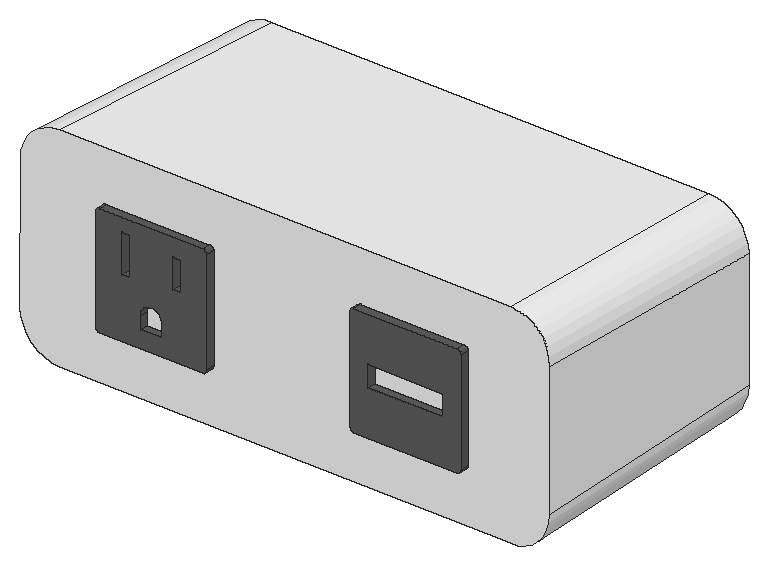
Revit family "Electrical-Teknion-BLEPC_Power_Cube-R2018", category Electrical Fixtures, host Face, Revit 2018
Family settings
  Host = Face
  Maintain Annotation Orientation = No
  Round Connector Dimension = Use Diameter
  Part Type = Normal
  OmniClass Number = 23.40.20.00
  OmniClass Title = General Furniture and Specialties
  Cut with Voids When Loaded = No
  Shared = Yes
  Room Calculation Point = No
Parameters (values of type "Power/USB Charger, Square Grommet")
  Warranty = "http://www.teknion.com/ca/papers/legal-canada"
  Voltage = 120 V
  Unit Weight URL = "http://www.teknion.com/ca/tools/assets#&asset=bee6a381-b954-425e-8283-5a2de3a804f2,f828d448-4b62-4231-9e5f-9a8991c0ed77"
  URL = "www.teknion.com"
  Sustainability Data = "http://www.teknion.com/ca/tools/assets#&topic=216f99a5-57a0-44fc-b10a-9dee9b29ae4c&asset=444deb64-fe58-4b68-981e-f75e97781df7"
  Series = "Expansion Casegoods"  # constant formula
  Right Power/USB Charger = if(Has Power & USB Charger slot, 0' 0 27/32", 0' 0 9/16")  # 0' - 0 27/32"
  Right Power Hole Depth = if(Has Power & Power slot, 0' 0 27/32", 0' 0 9/16")  # 0' - 0 9/16"
  Right Data Hole Depth [instance] = if(Has Power & Data slot, 0' 0 27/32", 0' 0 9/16")  # 0' - 0 9/16"
  Product Page URL = "http://www.teknion.com/ca/products/product-details?productlineid=0053336e-8e7a-673b-a6c8-ff00004460c4"
  Product Line = "Expansion Casegoods"  # constant formula
  Product Documentation Link = "http://www.teknion.com/pricing/expansion-casegoods/pdfs/BLEPC_ppg.pdf"
  Power Cube - Case and Front Finish [instance] = Mica - Teknion - V - Satin - Very White
  Part Number = "BLEPC"  # constant formula
  Model = "BLEPCUS_"
  Manufacturer Phone = "416-661-3370"  # constant formula
  Manufacturer Fax = "416.661.4586"  # constant formula
  Manufacturer Email = "http://www.teknion.com/ca/contactus"
  Manufacturer Address = "1150 Flint Road, Toronto, ON. M3J 2J5. Canada"  # constant formula
  Manufacturer = "Teknion"  # constant formula
  Left Power Hole Depth = if(or(Has Power & Data slot, Has Power & Power slot, Has Power & USB Charger slot), 0' 0 27/32", 0' 0 9/16")  # 0' - 0 27/32"
  Has Power & USB Charger slot = yes
  Has Power & Power slot = no
  Has Power & Data slot = no
  Description = "Power Cube, Power/USB Charger, Standard Solid Top Square Grommet"
  Default Elevation = 4' - 0"
  Connector Descriptor = "Power Connector"  # constant formula
  Apparent Load = 0 VA
Types (3): name | Right Power/USB Charger | Right Power Hole Depth | Right Data Hole Depth | Model | Has Power & USB Charger slot | Has Power & Power slot | Has Power & Data slot | Description
  Power/Data, Square Grommet | 0' - 0 9/16" | 0' - 0 9/16" | 0' - 0 27/32" | "BLEPCDS_" | no | no | yes | "Power Cube, Power/Data, Standard Solid Top Square Grommet"
  Power/Power, Square Grommet | 0' - 0 9/16" | 0' - 0 27/32" | 0' - 0 9/16" | "BLEPCPS_" | no | yes | no | "Power Cube, Power/Power, Standard Solid Top Square Grommet"
  Power/USB Charger, Square Grommet | 0' - 0 27/32" | 0' - 0 9/16" | 0' - 0 9/16" | "BLEPCUS_" | yes | no | no | "Power Cube, Power/USB Charger, Standard Solid Top Square Grommet"
Reference planes (in)
  plane 1 "Center (Front/Back)": y = 0
  plane 2: z = 0
  plane 3 "Center (Left/Right)": x = 0
  plane 4: z = 2
  plane 5: y = -1.17126
  plane 6: y = 1.25
  plane 7: y = -1.25
  plane 8: x = -2.5
  plane 9: x = 2.5
  plane 10 "Power Hole Depth (Above Worksurface)": y = -2
  plane 11: y = -0.75
  plane 12: y = 0.07874
Forms (in)
  Blend 1, solid, material "Mica - Teknion - V - Satin - Very White" <- "Power Cube - Case and Front Finish"
    base sketch origin (2.5, -1.17126, 48) x (1, 0, 0) y (0, 0, 1)
      loop
        line (0, -47.62598) -> (0, -46.37363)
        arc (0, -46.37363) -> (-0.10943, -46.10943) -> (-0.37363, -46) r 0.37363
        line (-0.37363, -46) -> (-4.62637, -46)
        arc (-4.62637, -46) -> (-4.89057, -46.10943) -> (-5, -46.37363) r 0.37363
        line (-5, -46.37363) -> (-5, -47.62586)
        arc (-5, -47.62586) -> (-4.89042, -47.89042) -> (-4.62586, -48) r 0.37414
        line (-4.62586, -48) -> (-0.37402, -48)
        arc (-0.37402, -48) -> (-0.10955, -47.89045) -> (0, -47.62598) r 0.37402
    top sketch origin (2.43454, 1.25, 48) x (1, 0, 0) y (0, 0, 1)
      loop
        line (-4.56052, -48) -> (-0.30855, -48)
        arc (-0.30855, -48) -> (-0.08709, -47.86842) -> (0, -47.62598) r 0.38096
        line (0, -47.62598) -> (0, -46.50504)
        arc (0, -46.50504) -> (-0.10955, -46.24057) -> (-0.37402, -46.13102) r 0.37402
        line (-0.37402, -46.13102) -> (-4.49544, -46.13102)
        arc (-4.49544, -46.13102) -> (-4.75964, -46.24045) -> (-4.86907, -46.50465) r 0.37363
        line (-4.86907, -46.50465) -> (-4.86907, -47.62598)
        arc (-4.86907, -47.62598) -> (-4.78198, -47.86842) -> (-4.56052, -48) r 0.38096
    from 0 to 0
  Extrusion 2, solid, material "Plastic - Teknion - 52 - Ebony"
    sketch origin (2.5, -1.17126, 48) x (1, 0, 0) y (0, 0, 1)
      loop
        line (-3.21496, -46.4748) -> (-4.18661, -46.4748)
        arc (-4.18661, -46.4748) -> (-4.21445, -46.48633) -> (-4.22598, -46.51417) r 0.03937
        line (-4.22598, -46.51417) -> (-4.22598, -47.48583)
        arc (-4.22598, -47.48583) -> (-4.21445, -47.51367) -> (-4.18661, -47.5252) r 0.03937
        line (-4.18661, -47.5252) -> (-3.21496, -47.5252)
        arc (-3.21496, -47.5252) -> (-3.18712, -47.51367) -> (-3.17559, -47.48583) r 0.03937
        line (-3.17559, -47.48583) -> (-3.17559, -46.51417)
        arc (-3.17559, -46.51417) -> (-3.18712, -46.48633) -> (-3.21496, -46.4748) r 0.03937
    from 0 to 0.07874
  Extrusion 3, solid, material "Plastic - Teknion - 52 - Ebony"
    sketch origin (2.5, -1.17126, 48) x (1, 0, 0) y (0, 0, 1)
      loop
        line (-0.81339, -46.47593) -> (-1.78504, -46.47593)
        arc (-1.78504, -46.47593) -> (-1.81288, -46.48747) -> (-1.82441, -46.5153) r 0.03937
        line (-1.82441, -46.5153) -> (-1.82441, -47.48583)
        arc (-1.82441, -47.48583) -> (-1.81288, -47.51367) -> (-1.78504, -47.5252) r 0.03937
        line (-1.78504, -47.5252) -> (-0.81339, -47.5252)
        arc (-0.81339, -47.5252) -> (-0.78555, -47.51367) -> (-0.77402, -47.48583) r 0.03937
        line (-0.77402, -47.48583) -> (-0.77402, -46.5153)
        arc (-0.77402, -46.5153) -> (-0.78555, -46.48747) -> (-0.81339, -46.47593) r 0.03937
    from 0 to 0.07874
  Extrusion 4, void
    sketch origin (2.5, -1.25, 48) x (-1, 0, 0) y (0, 0, 1)
      loop
        line (3.97638, -46.60214) -> (3.90433, -46.60214) -> (3.90433, -46.96356) -> (3.97638, -46.96356) -> (3.97638, -46.60214)
      loop
        line (3.49724, -46.64146) -> (3.4252, -46.64146) -> (3.4252, -46.92425) -> (3.49724, -46.92425) -> (3.49724, -46.64146)
      loop
        line (3.80433, -47.36341) -> (3.80433, -47.24727)
        arc (3.80433, -47.24727) -> (3.70079, -47.14372) -> (3.59724, -47.24727) r 0.10354
        line (3.59724, -47.24727) -> (3.59724, -47.36341) -> (3.80433, -47.36341)
    from -0.75 to 0.09375
  Extrusion 5, void
    sketch origin (-2.5, -1.25, 48) x (1, 0, 0) y (0, 0, -1)
      loop
        line (3.4252, 46.64146) -> (3.49724, 46.64146) -> (3.49724, 46.92425) -> (3.4252, 46.92425) -> (3.4252, 46.64146)
      loop
        line (3.90433, 46.60214) -> (3.97638, 46.60214) -> (3.97638, 46.96356) -> (3.90433, 46.96356) -> (3.90433, 46.60214)
      loop
        line (3.59724, 47.36341) -> (3.59724, 47.24727)
        arc (3.59724, 47.24727) -> (3.70079, 47.14372) -> (3.80433, 47.24727) r 0.10354
        line (3.80433, 47.24727) -> (3.80433, 47.36341) -> (3.59724, 47.36341)
    from -0.75 to -0.1875
  Extrusion 6, void
    sketch origin (-1.44724, -2, 48) x (1, 0, 0) y (0, 0, 1)
      loop
        line (2.2937, -46.90212) -> (2.2937, -47.0987) -> (3.00236, -47.0987) -> (3.00236, -46.90212) -> (2.2937, -46.90212)
    from 0 to -0.84375
  Extrusion 7, void
    sketch origin (-3.58522, -0.75, 48) x (1, 0, 0) y (0, 0, 1)
      loop
        line (4.39291, -46.70554) -> (4.39291, -47.29528) -> (4.68307, -47.29528) -> (4.68307, -47.35033) -> (4.89015, -47.35033) -> (4.89015, -47.29528) -> (5.18031, -47.29528) -> (5.18031, -46.70554) -> (5.0616, -46.70554) -> (5.0616, -46.60214) -> (4.98955, -46.60214) -> (4.98955, -46.70554) -> (4.58247, -46.70554) -> (4.58247, -46.64146) -> (4.51042, -46.64146) -> (4.51042, -46.70554) -> (4.39291, -46.70554)
    from 0.6875 to 1.25
Cuts and joins
  Extrusion 4 cuts Extrusion 2
  Extrusion 5, Extrusion 6, Extrusion 7 cuts Extrusion 3
  Extrusion 7 cuts Blend 1
Lines and regions (in)
  Masking region 1
    outline origin (0, 0, -1.1875) x (0, 1, 0) y (-1, 0, 0)
      loop
        line (1.25, -2.43454) -> (1.25, 2.43454) -> (-1.17126, 2.5) -> (-1.17126, -2.5) -> (1.25, -2.43454)
  Masking region 2
    outline origin (0, 0, -1.1875) x (0, 1, 0) y (-1, 0, 0)
      loop
        line (-1.17126, 1.72598) -> (-1.25, 1.72598) -> (-1.25, 0.67559) -> (-1.17126, 0.67559) -> (-1.17126, 1.72598)
  Masking region 3
    outline origin (0, 0, -1.1875) x (0, 1, 0) y (-1, 0, 0)
      loop
        line (-1.17126, -0.67559) -> (-1.25, -0.67559) -> (-1.25, -1.72598) -> (-1.17126, -1.72598) -> (-1.17126, -0.67559)
  symbolic lines, not visible, detail levels fine
    curve 1: line (-1.69685, 0.07874, -1.1875) -> (-1.69685, 0, -1.1875)
    curve 2: line (-0.64646, 0, -1.1875) -> (-0.64646, 0.07874, -1.1875)
    curve 3: line (0.64646, 0.07874, -1.1875) -> (0.64646, 0, -1.1875)
    curve 4: line (1.69685, 0, -1.1875) -> (1.69685, 0.07874, -1.1875)
  symbolic lines
    curve 5: line (-2.43454, 1.25, -1.1875) -> (2.43454, 1.25, -1.1875)
    curve 6: line (2.5, -1.17126, -1.1875) -> (2.43454, 1.25, -1.1875)
    curve 7: line (2.5, -1.17126, -1.1875) -> (-2.5, -1.17126, -1.1875)
    curve 8: line (-2.5, -1.17126, -1.1875) -> (-2.43454, 1.25, -1.1875)
    curve 9: line (-1.72598, -1.25, -1.1875) -> (-0.67559, -1.25, -1.1875)
    curve 10: line (-1.72598, -1.17126, -1.1875) -> (-1.72598, -1.25, -1.1875)
    curve 11: line (-0.67559, -1.25, -1.1875) -> (-0.67559, -1.17126, -1.1875)
    curve 12: line (0.67559, -1.17126, -1.1875) -> (0.67559, -1.25, -1.1875)
    curve 13: line (0.67559, -1.25, -1.1875) -> (1.72598, -1.25, -1.1875)
    curve 14: line (1.72598, -1.25, -1.1875) -> (1.72598, -1.17126, -1.1875)
Dimensions and locks (in)
  locked: plane 4 to plane 2 at 2
  locked: plane 5 to plane 1 "Center (Front/Back)" at 1.17126
  locked: plane 1 "Center (Front/Back)" to plane 6 at 1.25
  Extrusion 2 sketch curve to Extrusion 2 sketch curve to Extrusion 2 sketch curve to Extrusion 2 sketch curve to Extrusion 2 sketch curve to Extrusion 2 sketch curve to plane 3 "Center (Left/Right)" = 0' - 0.03937" locked, 0' - 0" locked, 0' - 0.97165" locked, 0' - 0" locked, 0' - 0.03937" locked, 0' - 0.67559" locked
  locked: plane 7 to plane 10 "Power Hole Depth (Above Worksurface)" at 0.75
  "Left Power Hole Depth": Extrusion 4 to plane 10 "Power Hole Depth (Above Worksurface)"
  "Right Power Hole Depth": Extrusion 5 to plane 10 "Power Hole Depth (Above Worksurface)"
  plane 9 to Blend 1 sketch curve to Blend 1 sketch curve to Blend 1 sketch curve to Blend 1 sketch curve = 0' - 0.43948" locked, 0' - 0.00694" locked, 0' - 4.10715" locked, 0' - 0.00733" locked
  Blend 1 sketch curve to Blend 1 sketch curve to Blend 1 sketch curve to Blend 1 sketch curve to plane 4 = 0' - 0" locked, 0' - 1.12095" locked, 0' - 0.00038" locked, 0' - 0.50465" locked
  plane 8 to Blend 1 sketch curve to Blend 1 sketch curve to Blend 1 sketch curve to Blend 1 sketch curve = 0' - 0.37363" locked, 0' - 0.00051" locked, 0' - 4.25184" locked, 0' - 0.00038" locked
  plane 4 to Blend 1 sketch curve to Blend 1 sketch curve to Blend 1 sketch curve to Blend 1 sketch curve = 0' - 0.37363" locked, 0' - 0" locked, 0' - 1.25222" locked, 0' - 0.00013" locked
  Extrusion 4 sketch curve to Extrusion 4 sketch curve to Extrusion 4 sketch curve to Extrusion 4 sketch curve to Extrusion 4 sketch curve to Extrusion 4 sketch curve to plane 2 = 0' - 0.03932" locked, 0' - 0.28279" locked, 0' - 0.03932" locked, 0' - 0.2837" locked, 0' - 0.11614" locked, 0' - 0.63659" locked
  plane 8 to Extrusion 4 sketch curve to Extrusion 4 sketch curve to Extrusion 4 sketch curve to Extrusion 4 sketch curve to Extrusion 4 sketch curve to Extrusion 4 sketch curve to Extrusion 4 sketch curve = 0' - 1.02362" locked, 0' - 0.07205" locked, 0' - 0.1" locked, 0' - 0.10354" locked, 0' - 0.10354" locked, 0' - 0.1" locked, 0' - 0.07205" locked
  "Right Power/USB Charger": Extrusion 6 to plane 10 "Power Hole Depth (Above Worksurface)"
  plane 11 to plane 1 "Center (Front/Back)" = 0' - 0 3/4"
  locked: plane 1 "Center (Front/Back)" to plane 12 at 0.07874
  plane 4 to Extrusion 2 sketch curve to Extrusion 2 sketch curve to Extrusion 2 sketch curve to Extrusion 2 sketch curve to Extrusion 2 sketch curve to Extrusion 2 sketch curve = 0' - 0.4748" locked, 0' - 0.03937" locked, 0' - 0" locked, 0' - 0.97165" locked, 0' - 0" locked, 0' - 0.03937" locked
  Extrusion 3 sketch curve to Extrusion 3 sketch curve to Extrusion 3 sketch curve to Extrusion 3 sketch curve to plane 3 "Center (Left/Right)" = 0' - 0" locked, 0' - 0.97165" locked, 0' - 0" locked, 0' - 0.71496" locked
  plane 4 to Extrusion 3 sketch curve to Extrusion 3 sketch curve to Extrusion 3 sketch curve to Extrusion 3 sketch curve to Extrusion 3 sketch curve to Extrusion 3 sketch curve = 0' - 0.47593" locked, 0' - 0.03937" locked, 0' - 0" locked, 0' - 0.97052" locked, 0' - 0" locked, 0' - 0.03937" locked
  Extrusion 5 sketch curve to Extrusion 5 sketch curve to Extrusion 5 sketch curve to Extrusion 5 sketch curve to Extrusion 5 sketch curve to Extrusion 5 sketch curve to plane 2 = 0' - 0.03932" locked, 0' - 0.28279" locked, 0' - 0.03932" locked, 0' - 0.2837" locked, 0' - 0.11614" locked, 0' - 0.63659" locked
  plane 3 "Center (Left/Right)" to Extrusion 5 sketch curve to Extrusion 5 sketch curve to Extrusion 5 sketch curve to Extrusion 5 sketch curve to Extrusion 5 sketch curve to Extrusion 5 sketch curve to Extrusion 5 sketch curve = 0' - 0.9252" locked, 0' - 0.07205" locked, 0' - 0.1" locked, 0' - 0.10354" locked, 0' - 0.10354" locked, 0' - 0.1" locked, 0' - 0.07205" locked
  "Right Data Hole Depth": Extrusion 7 to plane 10 "Power Hole Depth (Above Worksurface)"
  plane 4 to Extrusion 7 sketch curve to Extrusion 7 sketch curve to Extrusion 7 sketch curve to Extrusion 7 sketch curve to Extrusion 7 sketch curve to Extrusion 7 sketch curve to Extrusion 7 sketch curve to Extrusion 7 sketch curve = 0' - 0.60214" locked, 0' - 0.03932" locked, 0' - 0.06409" locked, 0' - 0" locked, 0' - 0" locked, 0' - 0.58974" locked, 0' - 0" locked, 0' - 0.05504" locked
  plane 9 to Extrusion 7 sketch curve to Extrusion 7 sketch curve to Extrusion 7 sketch curve to Extrusion 7 sketch curve to Extrusion 7 sketch curve to Extrusion 7 sketch curve to Extrusion 7 sketch curve to Extrusion 7 sketch curve = 0' - 0.90491" locked, 0' - 0.11871" locked, 0' - 0.07205" locked, 0' - 0.0994" locked, 0' - 0.20709" locked, 0' - 0.1006" locked, 0' - 0.07205" locked, 0' - 0.11751" locked
  plane 4 to Extrusion 6 sketch curve to Extrusion 6 sketch curve = 0' - 0.90212" locked, 0' - 0.19658" locked
  Extrusion 6 sketch curve to Extrusion 6 sketch curve to plane 3 "Center (Left/Right)" = 0' - 0.70866" locked, 0' - 0.84646" locked
  aligned and locked: plane 2 to host face
  aligned and locked: level to host face
  aligned and locked: plane 4 to Blend 1 sketch curve
  aligned and locked: plane 2 to Blend 1 sketch curve
  aligned and locked: Blend 1 to plane 6
  aligned and locked: plane 5 to Blend 1
  aligned and locked: plane 7 to Extrusion 3
  aligned and locked: plane 7 to Extrusion 2
  aligned and locked: Extrusion 5 to plane 10 "Power Hole Depth (Above Worksurface)"
  aligned and locked: plane 10 "Power Hole Depth (Above Worksurface)" to Extrusion 6  (x3)
  aligned and locked: Extrusion 4 to plane 10 "Power Hole Depth (Above Worksurface)"
  aligned and locked: curve 6 to Blend 1
  aligned and locked: curve 7 to Blend 1
  aligned and locked: curve 8 to Blend 1
  aligned and locked: plane 6 to curve 5
  aligned and locked: Extrusion 7 to plane 10 "Power Hole Depth (Above Worksurface)"
  aligned and locked: cut or joined group of Extrusion 2, Extrusion 4 to plane 5
  aligned and locked: cut or joined group of Extrusion 3, Extrusion 5, Extrusion 6, Extrusion 7 to plane 5
  aligned and locked: Masking region 1 sketch curve to cut or joined group of Blend 1, Extrusion 7  (x2)
  aligned and locked: Masking region 1 sketch curve to curve 6
  aligned and locked: Masking region 1 sketch curve to curve 8
  aligned and locked: Masking region 2 sketch curve to cut or joined group of Extrusion 2, Extrusion 4  (x4)
  aligned and locked: Masking region 3 sketch curve to cut or joined group of Extrusion 3, Extrusion 5, Extrusion 6, Extrusion 7  (x4)
Automatic sketch dimensions
  host sketch curve to host sketch curve = 8' - 0"  (x2)
  Blend 1 sketch curve to level = 0' - 0"
  Blend 1 sketch curve to plane 8 = 0' - 0.37402"
  plane 3 "Center (Left/Right)" to curve 3 = 0' - 0.64646"
  curve 2 to plane 3 "Center (Left/Right)" = 0' - 0.64646"
  plane 1 "Center (Front/Back)" to curve 4 = 0' - 0"
  plane 1 "Center (Front/Back)" to curve 3 = 0' - 0"
  plane 1 "Center (Front/Back)" to curve 1 = 0' - 0"
  plane 1 "Center (Front/Back)" to curve 2 = 0' - 0"
  plane 12 to curve 4 = 0' - 0"
  plane 12 to curve 2 = 0' - 0"
  plane 12 to curve 1 = 0' - 0"
  plane 12 to curve 3 = 0' - 0"
  curve 4 to plane 9 = 0' - 0.80315"
  curve 1 to plane 8 = 0' - 0.80315"
  plane 7 to curve 14 = 0' - 0"
  curve 13 to plane 9 = 0' - 0.77402"
  plane 3 "Center (Left/Right)" to curve 12 = 0' - 0.67559"
  plane 7 to curve 10 = 0' - 0"
  curve 9 to plane 3 "Center (Left/Right)" = 0' - 0.67559"
  curve 9 to plane 8 = 0' - 0.77402"
Connectors (in)
  electrical at (0.00003, 0.03937, 0), driven by "Voltage", driven by "Apparent Load", driven by "Connector Descriptor"
    settings: on Blend 1, index 1, voltage 120 V, apparent load 0 VA, apparent load phase1 0 VA, apparent load phase2 0 VA, apparent load phase3 0 VA, power factor 1, load classification "Other", number of poles 1, system type 31, power factor state 1, is connector primary yes, connector utility no, sub classification motor no, connector description "Power Connector"
